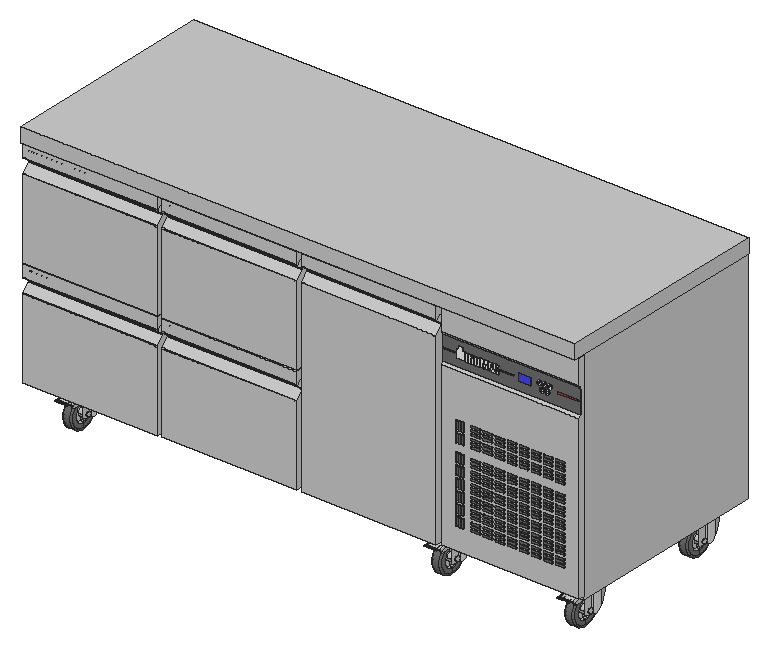
Revit family "QF_INOMAK_PNRP999_250513024609", category Specialty Equipment, Revit 2021 (continued)
Definition of nested family "QF_INOMAK_REF_COUNTERS_WORKTOPS_35390"
  Definition of nested family "Worktop"
    Forms (mm)
      Extrusion 2, solid, material <- "Finish", visible <- "Worktop without backsplash"
        sketch origin (0, 0, 0) x (0, 1, 0) y (0, 0, 1)
          loop
            line (0, 860) -> (0, 900) -> (-700, 900) -> (-700, 860) -> (0, 860)
        from 0 to 1200
    Lines and regions (mm)
      Masking region 1, visible <- "Worktop with backsplash"
        outline origin (0, 0, 900) x (0, 1, 0) y (-1, 0, 0)
          loop
            line (0, 0) -> (-700, 0) -> (-700, -1200) -> (0, -1200) -> (0, 0)
      Masking region 2, visible <- "Worktop without backsplash"
        outline origin (0, 0, 900) x (0, 1, 0) y (-1, 0, 0)
          loop
            line (0, 0) -> (-700, 0) -> (-700, -1200) -> (0, -1200) -> (0, 0)
      symbolic lines, visible <- "Worktop with backsplash"
        curve 1: line (0, 0, 0) -> (1200, 0, 0)
        curve 2: line (1200, 0, 0) -> (1200, -700, 0)
        curve 3: line (1200, -700, 0) -> (0, -700, 0)
        curve 4: line (0, -700, 0) -> (0, 0, 0)
        curve 5: line (0, -20, 0) -> (1200, -20, 0)
      symbolic lines, visible <- "Worktop without backsplash"
        curve 6: line (0, 0, 0) -> (1200, 0, 0)
        curve 7: line (1200, 0, 0) -> (1200, -700, 0)
        curve 8: line (1200, -700, 0) -> (0, -700, 0)
        curve 9: line (0, -700, 0) -> (0, 0, 0)
      symbolic lines, visible <- "Without worktop"
        curve 10: line (0, 0, 0) -> (1200, 0, 0)
        curve 11: line (1200, 0, 0) -> (1200, -700, 0)
        curve 12: line (1200, -700, 0) -> (0, -700, 0)
        curve 13: line (0, -700, 0) -> (0, 0, 0)
      reference lines
        curve 14: line (600, 0, 1000) -> (600, -20, 1000)
        curve 15: line (0, -700, 900) -> (1200, -700, 900)
        curve 16: line (1200, -700, 900) -> (1200, 0, 900)
        curve 17: line (0, -700, 900) -> (0, 0, 900)
        curve 18: line (0, 0, 900) -> (1200, 0, 900)
        curve 19: line (600, 0, 860) -> (600, -700, 860)
    Dimensions and locks
      "Length Actual": plane 3 "Left" to plane 4 "Right"
      "Depth Actual": plane 5 "Front" to plane 1 "Back"
      "Backsplash thickness": plane 7 "Backsplash thickness" to plane 1 "Back"
      "Worktop thickness": plane 6 "Top" to plane 8 "Worktop bottom"
      "Backsplash height": plane 9 "Upright height" to plane 6 "Top"
      "Backsplash height": curve 14 to plane 6 "Top"
      "Depth Actual": curve 15 to plane 1 "Back"
      "Length Actual": plane 3 "Left" to curve 16
      "Length Actual": curve 17 to plane 4 "Right"
      "Depth Actual": curve 18 to plane 5 "Front"
      equal spacing: plane 3 "Left", plane 10 "Center Left Right", plane 4 "Right"
      "Height AFF": plane 8 "Worktop bottom" to plane 2
      "Height AFF": curve 19 to plane 2
      aligned and locked: level to plane 2
      aligned and locked: Extrusion 1 to plane 4 "Right"
      aligned and locked: Extrusion 1 sketch curve to plane 7 "Backsplash thickness"
      aligned and locked: curve 5 to plane 7 "Backsplash thickness"
      aligned and locked: Extrusion 1 sketch curve to plane 8 "Worktop bottom"
      aligned and locked: plane 9 "Upright height" to Extrusion 1 sketch curve
      aligned and locked: plane 6 "Top" to Extrusion 1 sketch curve
      aligned and locked: plane 6 "Top" to Extrusion 2 sketch curve
      aligned and locked: Extrusion 2 sketch curve to plane 1 "Back"
      aligned and locked: Extrusion 2 sketch curve to plane 8 "Worktop bottom"
      aligned and locked: Extrusion 2 sketch curve to plane 5 "Front"
      aligned and locked: Extrusion 2 to plane 4 "Right"
      aligned and locked: Masking region 1 sketch curve to Extrusion 1  (x4)
      aligned and locked: Masking region 2 sketch curve to Extrusion 1  (x4)
    Automatic sketch dimensions
      plane 1 "Back" to curve 1 = 0 mm
      curve 13 to plane 3 "Left" = 0 mm
      curve 7 to plane 4 "Right" = 0 mm
      curve 13 to plane 5 "Front" = 0 mm
      Extrusion 1 sketch curve to plane 1 "Back" = 0 mm
      Extrusion 1 sketch curve to plane 5 "Front" = 0 mm
      curve 19 to plane 1 "Back" = 0 mm
      curve 14 to plane 1 "Back" = 0 mm
      curve 14 to plane 7 "Backsplash thickness" = 0 mm
      curve 19 to plane 5 "Front" = 0 mm
      curve 16 to plane 5 "Front" = 0 mm
      curve 17 to plane 5 "Front" = 0 mm
      plane 1 "Back" to curve 17 = 0 mm
      plane 1 "Back" to curve 16 = 0 mm
      curve 15 to plane 4 "Right" = 0 mm
      curve 18 to plane 4 "Right" = 0 mm
      curve 18 to plane 3 "Left" = 0 mm
      curve 15 to plane 3 "Left" = 0 mm
Definition of nested family "QF_INOMAK_REF_COUNTERS_CASTORS_37217"
  Parameters (values of type "CT-2240-600")
    Weight [instance] = 0.00 kg
    Warranty Start Date [instance] = ""
    Warranty Duration [instance] = ""
    URL Cutsheet [instance] = ""
    URL = "www.inomak.com"
    Technical Documentation [instance] = ""
    Tag Number [instance] = ""
    Status [instance] = ""
    Specification by User [instance] = ""
    Specification by Manufacturer [instance] = ""
    Sound Level [instance] = ""
    Solid Fuel Type [instance] = ""
    Show Logo [instance] = yes
    Show Clearances [instance] = yes
    Service Life Duration [instance] = ""
    Serial Number [instance] = ""
    Seismic Rating [instance] = ""
    SMACNA No [instance] = ""
    Right offset = 70 mm
    Revision Code [instance] = ""
    Revision [instance] = ""
    Rear offset = 90 mm
    Production Year [instance] = ""
    Point Load [instance] = 0
    Other Equipment Approvals [instance] = ""
    NAFEM Spec ID Number [instance] = ""
    Model Warning [instance] = ""
    Model = "CT"
    Masterspec [instance] = ""
    Manufacturer = "INOMAK"
    Length Actual [instance] = 0 mm
    Length = 2242 mm
    Left offset = 100 mm
    Item Number [instance] = ""
    Installed By [instance] = ""
    Installation Date [instance] = ""
    Identify Quantity as Lot [instance] = yes
    ID [instance] = ""
    Hygiene Approval [instance] = ""
    Height Actual [instance] = 0 mm
    Height = 130 mm
    Furnished By [instance] = ""
    Front offset = 150 mm
    Foodservice Equipment Identifier [instance] = yes
    ETL Approved [instance] = yes
    Description = "WHEELS"
    Depth Actual [instance] = 0 mm
    Depth = 600 mm
    Default Elevation = 0 mm
    CentralLegs = if(Length > 2000 mm, 2 > 1, 2 < 1)  # yes
    CSI MasterFormat [instance] = ""
    CE Approved [instance] = yes
    Barcode [instance] = ""
    Author [instance] = ""
    Asset Identifier [instance] = ""
    Assembly Code = "E1090320"
    Accessory [instance] = yes
  Types (6, lengths in mm): name | Length | Depth | CentralLegs
    CT-2240-700 | 2242 | 700 | yes
    CT-1790-700 | 1792 | 700 | no
    CT-1345-700 | 1342 | 700 | no
    CT-1345-600 | 1342 | 600 | no
    CT-1790-600 | 1792 | 600 | no
    CT-2240-600 | 2242 | 600 | yes
  Reference planes
    plane 1 "Back": y = 0
    plane 2: z = 0
    plane 3 "Left": x = 0
    plane 4 "Right": x = 2242
    plane 5 "Front": y = -600
    plane 6 "Top": z = 130
    plane 7 "Left offset": x = 100
    plane 8 "Right offset": x = 2172
    plane 9 "Rear offset": y = -90
    plane 10 "Front offset": y = -450
    plane 11 "Central": x = 921
    plane 12: x = 1742
  Dimensions and locks
    "Length": plane 3 "Left" to plane 4 "Right"
    "Depth": plane 5 "Front" to plane 1 "Back"
    "Left offset": plane 3 "Left" to plane 7 "Left offset"
    "Right offset": plane 8 "Right offset" to plane 4 "Right"
    "Rear offset": plane 9 "Rear offset" to plane 1 "Back"
    "Front offset": plane 10 "Front offset" to plane 5 "Front"
    equal spacing: plane 7 "Left offset", plane 11 "Central", plane 12
    locked: plane 12 to plane 8 "Right offset" at 430
    plane 6 "Top" to level = 130 mm
    aligned and locked: level to plane 2
    aligned and locked: nested 1 to plane 7 "Left offset"
    aligned and locked: nested 1 to plane 10 "Front offset"
    aligned and locked: nested 2 to plane 11 "Central"
    aligned and locked: nested 2 to plane 10 "Front offset"
    aligned and locked: nested 3 to plane 12
    aligned and locked: nested 3 to plane 10 "Front offset"
    aligned and locked: nested 4 to plane 8 "Right offset"
    aligned and locked: nested 4 to plane 10 "Front offset"
    aligned and locked: nested 5 to plane 7 "Left offset"
    aligned and locked: nested 5 to plane 9 "Rear offset"
    aligned and locked: nested 6 to plane 12
    aligned and locked: nested 6 to plane 9 "Rear offset"
    aligned and locked: nested 7 to plane 8 "Right offset"
    aligned and locked: nested 7 to plane 9 "Rear offset"
  Nested families
    nested 1: "QF_INOMAK_CASTOR_BRAKES" at (100, -450, 0), type "QF_INOMAK_CASTOR_BRAKES"
    nested 2: "QF_INOMAK_CASTOR_BRAKES" at (921, -450, 0), visible <- "CentralLegs", type "QF_INOMAK_CASTOR_BRAKES"
    nested 3: "QF_INOMAK_CASTOR_BRAKES" at (1742, -450, 0), type "QF_INOMAK_CASTOR_BRAKES"
    nested 4: "QF_INOMAK_CASTOR_BRAKES" at (2172, -450, 0), type "QF_INOMAK_CASTOR_BRAKES"
    nested 5: "QF_INOMAK_CASTOR" at (100, -90, 0), type "QF_INOMAK_CASTOR"
    nested 6: "QF_INOMAK_CASTOR" at (1742, -90, 0), type "QF_INOMAK_CASTOR"
    nested 7: "QF_INOMAK_CASTOR" at (2172, -90, 0), type "QF_INOMAK_CASTOR"
  Definition of nested family "QF_INOMAK_CASTOR_BRAKES"
    Parameters (values of type "QF_INOMAK_CASTOR_BRAKES")
      Default Elevation = 0 mm
    Reference planes
      plane 1 "Center (Front/Back)": y = 0
      plane 2: z = 0
      plane 3 "Center (Left/Right)": x = 0
    Forms (mm)
      Extrusion 1, solid
        sketch origin (-55, 171.5, 124.5) x (1, 0, 0) y (0, 1, 0)
          loop
            line (12.5, -214) -> (97.5, -214)
            arc (97.5, -214) -> (104.571, -211.071) -> (107.5, -204) r 10
            line (107.5, -204) -> (107.5, -139)
            arc (107.5, -139) -> (104.571, -131.929) -> (97.5, -129) r 10
            line (97.5, -129) -> (12.5, -129)
            arc (12.5, -129) -> (5.429, -131.929) -> (2.5, -139) r 10
            line (2.5, -139) -> (2.5, -204)
            arc (2.5, -204) -> (5.429, -211.071) -> (12.5, -214) r 10
        from 0 to 5.5
      Extrusion 2, solid
        sketch origin (-55, 146, 24.5) x (1, 0, 0) y (0, 1, 0)
          loop
            circle (55, -146) r 36
          loop
            circle (55, -146) r 34
        from 12 to 100
      Extrusion 3, void
        sketch origin (-37.5, 146, -28.526) x (0, 1, 0) y (0, 0, 1)
          loop
            line (-105, 63.026) -> (-105, 139.692) -> (-158.75, 68.026)
            arc (-158.75, 68.026) -> (-160.956, 66.036) -> (-163.75, 65.026) r 7.727
            line (-163.75, 65.026) -> (-175, 65.026) -> (-175, 136.026) -> (-182, 136.026) -> (-182, 63.026) -> (-105, 63.026)
        from 0 to 75
      Revolve 4, solid
        sketch origin (0, -37.5, -3.552) x (1, 0, 0) y (0, 0, 1)
          loop
            arc (10, 3.552) -> (13.536, 5.016) -> (15, 8.552) r 5
            line (15, 8.552) -> (15, 22.052) -> (-15, 22.052) -> (-15, 8.552)
            arc (-15, 8.552) -> (-13.536, 5.016) -> (-10, 3.552) r 5
            line (-10, 3.552) -> (10, 3.552)
          axis (-15, 53.552) -> (15, 53.552)
        angle from 0 to 360
      Extrusion 5, solid
        sketch origin (-21.466, 171.5, -31.526) x (0, 1, 0) y (0, 0, 1)
          loop
            line (-200.5, 68.026) -> (-200.5, 139.026) -> (-222.5, 139.026) -> (-267.507, 126.05)
            arc (-267.507, 126.05) -> (-264.51, 121.7) -> (-259.5, 120.026) r 8.333
            line (-259.5, 120.026) -> (-224.5, 120.026) -> (-224.5, 76.026)
            arc (-224.5, 76.026) -> (-222.157, 70.369) -> (-216.5, 68.026) r 8
            line (-216.5, 68.026) -> (-200.5, 68.026)
        from -3.534 to -1.534
      Extrusion 6, solid
        sketch origin (-34, 171.5, -14) x (0, 1, 0) y (0, 0, 1)
          loop
            circle (-209, 64) r 12.5
        from 11 to 57
      Revolve 7, solid
        sketch origin (-55, -37.5, -3.552) x (1, 0, 0) y (0, 0, 1)
          loop
            arc (65, 22.052) -> (61.464, 23.516) -> (60, 27.052) r 5
            line (60, 27.052) -> (60, 53.526) -> (50, 53.526) -> (50, 27.052)
            arc (50, 27.052) -> (48.536, 23.516) -> (45, 22.052) r 5
            line (45, 22.052) -> (65, 22.052)
          axis (45, 53.526) -> (65, 53.526)
        angle from 0 to 360
      Extrusion 8, solid
        sketch origin (21.466, 171.5, -31.526) x (0, 1, 0) y (0, 0, -1)
          loop
            line (-200.5, -68.026) -> (-216.5, -68.026)
            arc (-216.5, -68.026) -> (-222.157, -70.369) -> (-224.5, -76.026) r 8
            line (-224.5, -76.026) -> (-224.5, -120.026) -> (-259.5, -120.026)
            arc (-259.5, -120.026) -> (-264.51, -121.7) -> (-267.507, -126.05) r 8.333
            line (-267.507, -126.05) -> (-222.5, -139.026) -> (-200.5, -139.026) -> (-200.5, -68.026)
        from -3.534 to -1.534
      Extrusion 9, solid
        sketch origin (250, -359.196, -27.974) x (1, 0, 0) y (0, 1, 0)
          loop
            line (-275, 330.196) -> (-273, 330.196)
            arc (-273, 330.196) -> (-273.274, 332.754) -> (-274.083, 335.196) r 12.082
            line (-274.083, 335.196) -> (-276.833, 335.196)
            arc (-276.833, 335.196) -> (-275.473, 332.858) -> (-275, 330.196) r 7.737
        from 64.474 to 135.474
      Extrusion 10, solid
        sketch origin (-250, -359.196, -27.974) x (-1, 0, 0) y (0, -1, 0)
          loop
            arc (-275, -330.196) -> (-275.473, -332.858) -> (-276.833, -335.196) r 7.737
            line (-276.833, -335.196) -> (-274.083, -335.196)
            arc (-274.083, -335.196) -> (-273.274, -332.754) -> (-273, -330.196) r 12.082
            line (-273, -330.196) -> (-275, -330.196)
        from 64.474 to 135.474
      Sweep 11, solid
        path origin (0, -359.196, -27.974) x (0, 1, 0) y (0, 0, 1)
          loop
            line (338.196, 135.474) -> (308.196, 135.474) -> (263.189, 122.499)
        profile origin (0, -36, 107.5) x (0, 0, -1) y (1, 0, 0)
          loop
            arc (-4, -21) -> (-2.828, -23.828) -> (0, -25) r 4
            line (0, -25) -> (0, -23)
            arc (0, -23) -> (-1.414, -22.414) -> (-2, -21) r 2
            line (-2, -21) -> (-2, 21)
            arc (-2, 21) -> (-1.414, 22.414) -> (0, 23) r 2
            line (0, 23) -> (0, 25)
            arc (0, 25) -> (-2.828, 23.828) -> (-4, 21) r 4
            line (-4, 21) -> (-4, -21)
      Extrusion 12, solid
        sketch origin (-15, -620.032, 471.611) x (1, 0, 0) y (0, 0.809942, -0.58651)
          loop
            line (0, 640.696) -> (0, 622.696) -> (6, 617.696) -> (24, 617.696) -> (30, 622.696) -> (30, 640.696) -> (0, 640.696)
        from 0 to 2
      Extrusion 13, solid
        sketch origin (-10, -688.801, 95.837) x (0, 1, 0) y (0, 0, 1)
          loop
            line (587.696, 0) -> (592.196, -3.259)
            arc (592.196, -3.259) -> (593.446, -3.664) -> (594.696, -3.259) r 2.131
            line (594.696, -3.259) -> (604.172, 4.031) -> (598.943, 2.532) -> (594.631, -0.785)
            arc (594.631, -0.785) -> (593.44, -1.2) -> (592.238, -0.82) r 2
            line (592.238, -0.82) -> (588.869, 1.62) -> (587.696, 0)
        from 0 to 20
      Extrusion 14, solid
        sketch origin (-31, -958.08, 50) x (0, 1, 0) y (0, 0, 1)
          loop
            line (924.33, -6.495) -> (928.08, 0) -> (924.33, 6.495) -> (916.83, 6.495) -> (913.08, 0) -> (916.83, -6.495) -> (924.33, -6.495)
        from 0 to 62
    Cuts and joins
      Extrusion 3 cuts Extrusion 2
      Extrusion 3 cuts Extrusion 9
      Extrusion 3 cuts Extrusion 10
    Dimensions and locks
      aligned and locked: level to plane 2
  Definition of nested family "QF_INOMAK_CASTOR"
    Parameters (values of type "QF_INOMAK_CASTOR")
      Default Elevation = 0 mm
    Reference planes
      plane 1 "Center (Front/Back)": y = 0
      plane 2: z = 0
      plane 3 "Center (Left/Right)": x = 0
    Forms (mm)
      Extrusion 1, solid
        sketch origin (-55, 171.5, 124.5) x (1, 0, 0) y (0, 1, 0)
          loop
            line (12.5, -214) -> (97.5, -214)
            arc (97.5, -214) -> (104.571, -211.071) -> (107.5, -204) r 10
            line (107.5, -204) -> (107.5, -139)
            arc (107.5, -139) -> (104.571, -131.929) -> (97.5, -129) r 10
            line (97.5, -129) -> (12.5, -129)
            arc (12.5, -129) -> (5.429, -131.929) -> (2.5, -139) r 10
            line (2.5, -139) -> (2.5, -204)
            arc (2.5, -204) -> (5.429, -211.071) -> (12.5, -214) r 10
        from 0 to 5.5
      Extrusion 2, solid
        sketch origin (-55, 146, 24.5) x (1, 0, 0) y (0, 1, 0)
          loop
            circle (55, -146) r 36
          loop
            circle (55, -146) r 34
        from 12 to 100
      Extrusion 3, void
        sketch origin (-37.5, 146, -28.526) x (0, 1, 0) y (0, 0, 1)
          loop
            line (-105, 63.026) -> (-105, 139.692) -> (-158.75, 68.026)
            arc (-158.75, 68.026) -> (-160.956, 66.036) -> (-163.75, 65.026) r 7.727
            line (-163.75, 65.026) -> (-175, 65.026) -> (-175, 136.026) -> (-182, 136.026) -> (-182, 63.026) -> (-105, 63.026)
        from 0 to 75
      Revolve 4, solid
        sketch origin (0, -37.5, -3.552) x (1, 0, 0) y (0, 0, 1)
          loop
            arc (10, 3.552) -> (13.536, 5.016) -> (15, 8.552) r 5
            line (15, 8.552) -> (15, 22.052) -> (-15, 22.052) -> (-15, 8.552)
            arc (-15, 8.552) -> (-13.536, 5.016) -> (-10, 3.552) r 5
            line (-10, 3.552) -> (10, 3.552)
          axis (-15, 53.552) -> (15, 53.552)
        angle from 0 to 360
      Extrusion 5, solid
        sketch origin (-21.466, 171.5, -31.526) x (0, 1, 0) y (0, 0, 1)
          loop
            line (-200.5, 68.026) -> (-200.5, 139.026) -> (-224.5, 139.026) -> (-224.5, 76.026)
            arc (-224.5, 76.026) -> (-222.157, 70.369) -> (-216.5, 68.026) r 8
            line (-216.5, 68.026) -> (-200.5, 68.026)
        from -3.534 to -1.534
      Extrusion 6, solid
        sketch origin (-34, 171.5, -14) x (0, 1, 0) y (0, 0, 1)
          loop
            circle (-209, 64) r 12.5
        from 11 to 57
      Revolve 7, solid
        sketch origin (-55, -37.5, -3.552) x (1, 0, 0) y (0, 0, 1)
          loop
            arc (65, 22.052) -> (61.464, 23.516) -> (60, 27.052) r 5
            line (60, 27.052) -> (60, 53.526) -> (50, 53.526) -> (50, 27.052)
            arc (50, 27.052) -> (48.536, 23.516) -> (45, 22.052) r 5
            line (45, 22.052) -> (65, 22.052)
          axis (45, 53.526) -> (65, 53.526)
        angle from 0 to 360
      Extrusion 8, solid
        sketch origin (21.466, 171.5, -31.526) x (0, 1, 0) y (0, 0, -1)
          loop
            line (-200.5, -68.026) -> (-216.5, -68.026)
            arc (-216.5, -68.026) -> (-222.157, -70.369) -> (-224.5, -76.026) r 8
            line (-224.5, -76.026) -> (-224.5, -139.026) -> (-200.5, -139.026) -> (-200.5, -68.026)
        from -3.534 to -1.534
      Extrusion 9, solid
        sketch origin (250, -359.196, -27.974) x (1, 0, 0) y (0, 1, 0)
          loop
            line (-275, 330.196) -> (-273, 330.196)
            arc (-273, 330.196) -> (-273.274, 332.754) -> (-274.083, 335.196) r 12.082
            line (-274.083, 335.196) -> (-276.833, 335.196)
            arc (-276.833, 335.196) -> (-275.473, 332.858) -> (-275, 330.196) r 7.737
        from 64.474 to 135.474
      Extrusion 10, solid
        sketch origin (-250, -359.196, -27.974) x (-1, 0, 0) y (0, -1, 0)
          loop
            arc (-275, -330.196) -> (-275.473, -332.858) -> (-276.833, -335.196) r 7.737
            line (-276.833, -335.196) -> (-274.083, -335.196)
            arc (-274.083, -335.196) -> (-273.274, -332.754) -> (-273, -330.196) r 12.082
            line (-273, -330.196) -> (-275, -330.196)
        from 64.474 to 135.474
      Sweep 11, solid
        path origin (0, -359.196, -27.974) x (0, 1, 0) y (0, 0, 1)
          loop
            line (338.196, 135.474) -> (306.196, 135.474)
        profile origin (0, -37, 107.5) x (0, 0, -1) y (1, 0, 0)
          loop
            arc (-4, -21) -> (-2.828, -23.828) -> (0, -25) r 4
            line (0, -25) -> (0, -23)
            arc (0, -23) -> (-1.414, -22.414) -> (-2, -21) r 2
            line (-2, -21) -> (-2, 21)
            arc (-2, 21) -> (-1.414, 22.414) -> (0, 23) r 2
            line (0, 23) -> (0, 25)
            arc (0, 25) -> (-2.828, 23.828) -> (-4, 21) r 4
            line (-4, 21) -> (-4, -21)
      Extrusion 12, solid
        sketch origin (-31, -958.08, 50) x (0, 1, 0) y (0, 0, 1)
          loop
            line (924.33, -6.495) -> (928.08, 0) -> (924.33, 6.495) -> (916.83, 6.495) -> (913.08, 0) -> (916.83, -6.495) -> (924.33, -6.495)
        from 0 to 62
    Cuts and joins
      Extrusion 3 cuts Extrusion 2
      Extrusion 3 cuts Extrusion 9
      Extrusion 3 cuts Extrusion 10
    Dimensions and locks
      aligned and locked: level to plane 2
Definition of nested family "CONN_POINT_ELE_2D___Generic_Annotation"
  Parameters (values of type "CONN_POINT_ELE_2D___Generic_Annotation")
    Onboard connection annotation symbol visibility [instance] = yes
  Reference planes
    plane 1: y = 0
    plane 2: x = 0
  Lines and regions (mm)
    detail lines, visible <- "Onboard connection annotation symbol visibility"
      curve 1: circle (0, 0, 0) r 0.5 normal (0, 0, 1)
      curve 2: line (-1, 0, 0) -> (1, 0, 0)
      curve 3: line (0, 1, 0) -> (0, -1, 0)
      curve 4: line (2.5, 1, 0) -> (1.25, 1, 0)
      curve 5: line (1.25, 1, 0) -> (1.25, -1, 0)
      curve 6: line (1.25, -1, 0) -> (2.5, -1, 0)
      curve 7: line (1.25, 0, 0) -> (2, 0, 0)
